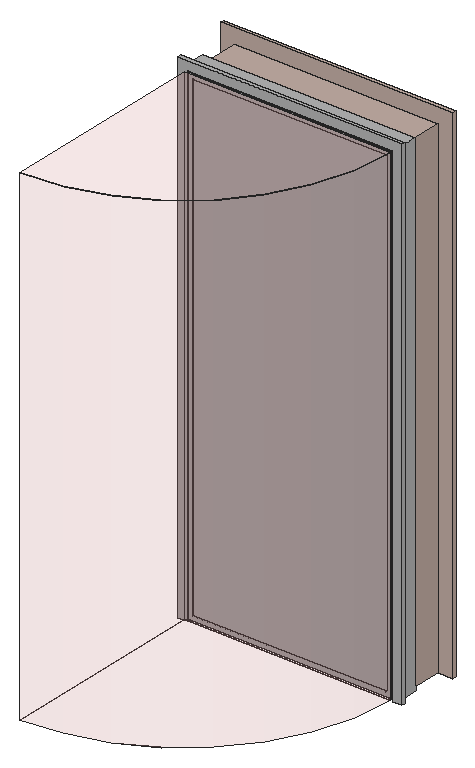
Revit family "ASSA ABLOY - DL1.3 PP30 RAPTOR, single-leaf, angular frame + PORTAL + access control", category Doors, host Wall, Revit 2021
Family settings
  Host = Wall
  OmniClass Number = 23.30.10.00
  OmniClass Title = Doors
  Always vertical = Yes
  Cut with Voids When Loaded = No
  Shared = No
  Room Calculation Point = No
Parameters (values of type "800 x 2100 (808 x 2100)")
  URL = "https://www.assaabloy.com/pl/pl"
  Type Comments = "Leaf made of galvanized steel 1mm thick, four-side rebated. External cladding made of 6mm thick HDF/MDF panels."
  Symbol Radius = Door Leaf Width + 5.500 mm  # 895.000 mm
  Rough Width Conversion = 122.000 mm  # constant formula
  Rough Width Adjustment = 0.000 mm  # constant formula
  Rough Height Real = Height + Rough Height Conversion + Rough Height Adjustment  # 2160.000 mm
  Rough Height Conversion = 60.000 mm  # constant formula
  Rough Height Adjustment = 0.000 mm  # constant formula
  Portal Width Top [instance] = 80.000 mm
  Portal Width Right [instance] = 80.000 mm
  Portal Width Left [instance] = 80.000 mm
  Portal Material Finish = Default laminate
  Opening Zone [instance] = yes
  Model = "Doorset_Entrance door to hotel room RC3, NFR-EI30/ Wireless access control_ASSA ABLOY Opening Solutions_Hardware 3D"
  Hinges Material = Default steel
  HW Item 9 = "1x View finder, finish silver, black, brass_Yale (option)"
  HW Item 8 = "1x Intelligent Mifare energy saving device_TESA (option)"
  HW Item 11 = "1x TESA: Access Control Software_ASSA ABLOY "
  HW Item 10 = "1x 206253: Vercy door stopper, max 120 kg_ASSA ABLOY (option) "
  Glyph Material Finish = Default laminate
  Frame Finish [instance] = ""
  Fire Rating NFR (0) = [Fire Rating - Set Value] = 0  # yes
  Fire Rating EI30 (1) = [Fire Rating - Set Value] = 1  # no
  Fire Rating - Set Value = 0
  Fire Rating = if([Fire Rating NFR (0)], "NFR", if([Fire Rating EI30 (1)], "EI30", "0"))  # "NFR"
  Width Round = rounddown((Width / 5.000 mm)) * 5.000 mm  # 800.000 mm
  Thickness = 61.000 mm  # constant formula
  Smoke Rating = "Sa, S200"
  Rough Width = Width Round + 8.000 mm + Rough Width Conversion + Rough Width Adjustment  # 930.000 mm
  Rough Height = Height Round + 10.000 mm + Rough Height Conversion + Rough Height Adjustment  # 2170.000 mm
  Readme = "The actual lintel height is consistent with the Rough Height parameter.\nThe final HW Set should be consistent with the function of the door and its  parameters.\nHardware mounted on door surface may affect the clear passage opening. For verification, please contact the specification department."
  Provider = "ASSA ABLOY Opening Solutions"
  Product Group = "Single-Steel-Access Control"
  Name = "Entrance door to hotel room RC3, NFR-EI30/ Wireless access control"
  Min Door Width = 800.000 mm
  Min Door Height = 2015.000 mm
  Mechanical Strength = 4
  Max Door Width = 1000.000 mm
  Max Door Height = 2315.000 mm
  Manufacturer = "ASSA ABLOY"  # constant formula
  IfcExportType = "USERDEFINED"
  IfcExportAs = "IfcDoorType"
  Rough Width Real = Width + Rough Width Conversion + Rough Width Adjustment  # 922.000 mm
  Height Round = roundup((Height / 5.000 mm)) * 5.000 mm  # 2100.000 mm
  Hardware Set = "1.3PL"
  HW Item 7 = "1x PDL26D: privacy door latch_PEMKO (option)"
  HW Item 6 = "1x SK6 Radius: euro profile cylinder_IKON"
  HW Item 5 = "1x TESA I-MAX long plate, PZPZ: WIRELESS, built-in RFID reader (pinpad in option) and Bluetooth module,  SENA handle_TESA"
  HW Item 4 = "1x EL160: mechanical mortice lockcase with automatic dead locking system_ABLOY"
  HW Item 3 = "1x A153: Mechanical opening damper_ASSA ABLOY (option)"
  HW Item 2 = "1x G195: Door closer guide rail_ASSA ABLOY"
  HW Item 1 = "1x DC700/ DC500: Door closer, Cam-Motion®_ASSA ABLOY"
  Function = Interior
  Height = 2100.000 mm
  Wall Closure = By host
  Width = 800.000 mm
  Frame Type = "Corner galvanized steel frame 1,5mm thick."
  Frame Material = Default steel
  Family name = "1.3_DOORSET_DL1.3 PP30 RAPTOR_SINGLE-LEAF_CORNER FRAME_ASSA ABLOY PL"
  Environmental Product Declaration (EPD) = "To be confirmed with Provider"  # constant formula
  Environmental Management System = "To be confirmed with Provider"  # constant formula
  Edition number = "1"
  Door Type = "DL1.3 PP30 RAPTOR"
  Door Material = Default steel
  Door Leaf Width = Width Round + 89.500 mm + Rough Width Adjustment  # 889.500 mm
  Door Finish Push Side [instance] = ""
  Door Finish Pull Side [instance] = ""
  Description = "DL1.3 PP30 RAPTOR, leaf made of galvanized steel sheets 1,0mm or 0,75mm thick, four-side rebated. External cladding made of 6mm thick HDF/MDF panels. Door equipped with 4 hinges painted in RAL with 3-dimmension adjustment, includng 1 self-closing R-spring, three anti-burglary pins on the hinge side and a panoramic viewer. Operational forces - 2 class according to PN-EN 12217:2005. Mechanical strenght - 4 class according to PN-EN 1192:2001. Acoustic rating - Rw=42-47dB according to PN-EN ISO 717-1:2013-08.  Thermal transmittance - Ud = 1,3 W/m2K. Corner galvanized steel frame 1,5mm thick, equipped with fixed threshold 20 mm height."
  Date of publishing = ""
  Contact Provider = "https://www.assaabloy.com/pl/pl/solutions/topics/bim-specification/contact"
  Brand = "ASSA ABLOY Mercor Doors Sp. z o. o."  # constant formula
  Author = "www.archispace.pl"
Types (18, lengths in mm): name | Symbol Radius | Rough Height Real | Width Round | Rough Width | Rough Height | Rough Width Real | Height Round | Height | Width | Door Leaf Width
  800 x 2015 (808 x 2015) | 895.000 | 2075.000 | 800.000 | 930.000 | 2085.000 | 922.000 | 2015.000 | 2015.000 | 800.000 | 889.500
  800 x 2050 (808 x 2050) | 895.000 | 2110.000 | 800.000 | 930.000 | 2120.000 | 922.000 | 2050.000 | 2050.000 | 800.000 | 889.500
  800 x 2100 (808 x 2100) | 895.000 | 2160.000 | 800.000 | 930.000 | 2170.000 | 922.000 | 2100.000 | 2100.000 | 800.000 | 889.500
  800 x 2200 (808 x 2200) | 895.000 | 2260.000 | 800.000 | 930.000 | 2270.000 | 922.000 | 2200.000 | 2200.000 | 800.000 | 889.500
  800 x 2250 (808 x 2250) | 895.000 | 2310.000 | 800.000 | 930.000 | 2320.000 | 922.000 | 2250.000 | 2250.000 | 800.000 | 889.500
  800 x 2315 (808 x 2315) | 895.000 | 2375.000 | 800.000 | 930.000 | 2385.000 | 922.000 | 2315.000 | 2315.000 | 800.000 | 889.500
  900 x 2015 (908 x 2015) | 995.000 | 2075.000 | 900.000 | 1030.000 | 2085.000 | 1022.000 | 2015.000 | 2015.000 | 900.000 | 989.500
  900 x 2050 (908 x 2050) | 995.000 | 2110.000 | 900.000 | 1030.000 | 2120.000 | 1022.000 | 2050.000 | 2050.000 | 900.000 | 989.500
  900 x 2100 (908 x 2100) | 995.000 | 2160.000 | 900.000 | 1030.000 | 2170.000 | 1022.000 | 2100.000 | 2100.000 | 900.000 | 989.500
  900 x 2200 (908 x 2200) | 995.000 | 2260.000 | 900.000 | 1030.000 | 2270.000 | 1022.000 | 2200.000 | 2200.000 | 900.000 | 989.500
  900 x 2250 (908 x 2250) | 995.000 | 2310.000 | 900.000 | 1030.000 | 2320.000 | 1022.000 | 2250.000 | 2250.000 | 900.000 | 989.500
  900 x 2315 (908 x 2315) | 995.000 | 2375.000 | 900.000 | 1030.000 | 2385.000 | 1022.000 | 2315.000 | 2315.000 | 900.000 | 989.500
  1000 x 2015 (1008 x 2015) | 1095.000 | 2075.000 | 1000.000 | 1130.000 | 2085.000 | 1122.000 | 2015.000 | 2015.000 | 1000.000 | 1089.500
  1000 x 2050 (1008 x 2050) | 1095.000 | 2110.000 | 1000.000 | 1130.000 | 2120.000 | 1122.000 | 2050.000 | 2050.000 | 1000.000 | 1089.500
  1000 x 2100 (1008 x 2100) | 1095.000 | 2160.000 | 1000.000 | 1130.000 | 2170.000 | 1122.000 | 2100.000 | 2100.000 | 1000.000 | 1089.500
  1000 x 2200 (1008 x 2200) | 1095.000 | 2260.000 | 1000.000 | 1130.000 | 2270.000 | 1122.000 | 2200.000 | 2200.000 | 1000.000 | 1089.500
  1000 x 2250 (1008 x 2250) | 1095.000 | 2310.000 | 1000.000 | 1130.000 | 2320.000 | 1122.000 | 2250.000 | 2250.000 | 1000.000 | 1089.500
  1000 x 2315 (1008 x 2315) | 1095.000 | 2375.000 | 1000.000 | 1130.000 | 2385.000 | 1122.000 | 2315.000 | 2315.000 | 1000.000 | 1089.500
Reference planes
  plane 1: y = 0
  plane 2 "Center (Left/Right)": x = 0
  plane 3 "Exterior": y = 120
  plane 4 "Interior": y = -120
  plane 5: x = -461
  plane 6: x = 461
  plane 7: y = -71
  plane 8: y = -114
  plane 9: y = -132
  plane 10: x = -445.5
  plane 11: x = -428.5
  plane 12: x = 444
  plane 13: x = 427
  plane 14: z = 9
  plane 15: z = 2127
  plane 16: z = 26
  plane 17: x = 504
  plane 18: x = 424
  plane 19: x = -504
  plane 20: x = -424
  plane 21: z = 2205
  plane 22: z = 2125
  plane 23: y = -30
  plane 24: z = 2144
  plane 25: x = -420
  plane 26: x = 420
  plane 27: y = -71.8
  plane 28: y = -131.2
  plane 29: x = -427.7
  plane 30: x = 426.2
  plane 31: x = -444.7
  plane 32: x = 443.2
  plane 33: y = -114.8
  plane 34: z = 26.8
  plane 35: z = 9.8
  plane 36: z = 2126.2
  plane 37: y = 136
  plane 38: y = 136
  plane 39: x = -440
  plane 40: x = 440
  plane 41: x = -465
  plane 42: x = 465
  plane 43: y = -143
  plane 44: x = -450.5
  plane 45: z = 2160
  plane 46: z = 20
  plane 47: z = 2170
  plane 48: z = 2120
  plane 49: x = -380
Forms (mm)
  Sweep 1, solid, material "Default steel" <- "Frame Material"
    path origin (0, -120, 0) x (1, 0, 0) y (0, 0, 1)
      loop
        line (-461, 0) -> (-461, 2161) -> (461, 2161) -> (461, 0)
    profile origin (-461, -120, 1080.5) x (-1, 0, 0) y (0, -1, 0)
      loop
        line (26.5, 0) -> (26.5, 12) -> (-13.5, 12) -> (-13.5, -9) -> (-26.5, -9) -> (-26.5, -65) -> (-36, -65) -> (-36, -54) -> (-41, -54) -> (-41, -90) -> (-10, -90) -> (-10, -87) -> (0, -87) -> (0, 0) -> (26.5, 0)
  Sweep 2, solid, material "Default steel" <- "Frame Material"
    path origin (-5000, -120, 0) x (1, 0, 0) y (0, 0, 1)
      loop
        line (4539, 0) -> (5461, 0)
    profile origin (0, -120, 0) x (0, 0, 1) y (0, -1, 0)
      loop
        line (0, -12) -> (0, -96) -> (20, -96) -> (20, -12) -> (0, -12)
  Sweep 3, solid, material "Default steel" <- "Door Material"
    path origin (-5000, -120, 0) x (1, 0, 0) y (0, 0, 1)
      loop
        line (4571.5, 2127) -> (4571.5, 26) -> (5427, 26) -> (5427, 2127) -> (4571.5, 2127)
    profile origin (-0.75, -120, 26) x (0, 0, -1) y (0, -1, 0)
      loop
        line (-0.8, 11.2) -> (-0.8, -5.2) -> (16.2, -5.2) -> (16.2, 11.2) -> (-0.8, 11.2)
  Sweep 4, solid, material "Default laminate" <- "Portal Material Finish"
    path origin (0, 120, 0) x (1, 0, 0) y (0, 0, 1)
      loop
        line (461, 0) -> (461, 2205)
    profile origin (461, 120, 1102.5) x (-1, 0, 0) y (0, -1, 0)
      loop
        line (37, 0) -> (-43, 0) -> (-43, -16) -> (37, -16) -> (37, 0)
  Sweep 5, solid, material "Default laminate" <- "Glyph Material Finish"
    path origin (-5000, 0, 0) x (-1, 0, 0) y (0, 0, 1)
      loop
        line (-4539, 0) -> (-4539, 2162) -> (-5461, 2162) -> (-5461, 0)
    profile origin (-461, 0, 1081) x (1, 0, 0) y (0, 1, 0)
      loop
        line (21, 120) -> (21, -30) -> (37, -30) -> (37, 120) -> (21, 120)
  Sweep 6, solid, material "Default laminate" <- "Portal Material Finish"
    path origin (0, 120, 0) x (1, 0, 0) y (0, 0, 1)
      loop
        line (-461, 2205) -> (-461, 0)
    profile origin (-461, 120, 1102.5) x (0, -1, 0) y (1, 0, 0)
      loop
        line (-16, -43) -> (0, -43) -> (0, 37) -> (-16, 37) -> (-16, -43)
  Sweep 7, solid, material "Default laminate" <- "Portal Material Finish"
    path origin (0, 120, 0) x (1, 0, 0) y (0, 0, 1)
      loop
        line (504, 2162) -> (-504, 2162)
    profile origin (0, 120, 2162) x (0, 0, -1) y (0, -1, 0)
      loop
        line (37, 0) -> (-43, 0) -> (-43, -16) -> (37, -16) -> (37, 0)
  Sweep 8, solid, material "Default steel" <- "Door Material"
    path origin (-5000, -120, 0) x (1, 0, 0) y (0, 0, 1)
      loop
        line (5000, 26.8) -> (5000, 2126.2)
    profile origin (0, -120, 1076.5) x (-1, 0, 0) y (0, -1, 0)
      loop
        line (427.7, -48.2) -> (427.7, 11.2) -> (-426.2, 11.2) -> (-426.2, -48.2) -> (427.7, -48.2)
  Sweep 9, solid, material "Default steel" <- "Door Material"
    path origin (-5000, -120, 0) x (1, 0, 0) y (0, 0, 1)
      loop
        line (4571.5, 2127) -> (4571.5, 26) -> (5427, 26) -> (5427, 2127) -> (4571.5, 2127)
    profile origin (-0.75, -120, 26) x (0, 0, -1) y (0, -1, 0)
      loop
        line (0, -49) -> (0, -6) -> (17, -6) -> (17, 12) -> (-4, 12) -> (-4, 11.2) -> (16.2, 11.2) -> (16.2, -5.2) -> (-0.8, -5.2) -> (-0.8, -48.2) -> (-13, -48.2) -> (-13, -49) -> (0, -49)
  Sweep 10, solid, material "Opening zone", visible <- "Opening Zone"
    path origin (-5000, 0, 0) x (-1, 0, 0) y (0, 0, 1)
      loop
        line (-5000, 9) -> (-5000, 2144)
    profile origin (0, 0, 1076.5) x (1, 0, 0) y (0, 1, 0)
      loop
        line (-450.5, -143) -> (-450.5, -1038)
        arc (-450.5, -1038) -> (182.361, -775.861) -> (444.5, -143) r 895
        line (444.5, -143) -> (-450.5, -143)
Cuts and joins
  joined: Sweep 1, Sweep 2
  joined: Sweep 4, Sweep 6, Sweep 7
  joined: Sweep 3, Sweep 8
Lines and regions (mm)
  Opening 1
    outline origin (-3050, -120, 0) x (1, 0, 0) y (0, 0, 1)
      loop
        line (2585, 0) -> (3515, 0) -> (3515, 2170) -> (2585, 2170) -> (2585, 0)
  Masking region 1, detail levels medium+fine
    outline origin (-1132.682, -300, 2127) x (-1, 0, 0) y (0, -1, 0)
      loop
        line (-628.682, -436) -> (-628.682, -420) -> (-708.682, -420) -> (-708.682, -436) -> (-628.682, -436)
      loop
        line (-1636.682, -436) -> (-1556.682, -436) -> (-1556.682, -420) -> (-1636.682, -420) -> (-1636.682, -436)
  Masking region 2, detail levels medium+fine
    outline origin (-1132.682, -300, 2127) x (-1, 0, 0) y (0, -1, 0)
      loop
        line (-708.682, -420) -> (-692.682, -420) -> (-692.682, -270) -> (-708.682, -270) -> (-708.682, -420)
      loop
        line (-1556.682, -420) -> (-1556.682, -270) -> (-1572.682, -270) -> (-1572.682, -420) -> (-1556.682, -420)
  Masking region 3, detail levels fine
    outline origin (-1132.682, -300, 2127) x (-1, 0, 0) y (0, -1, 0)
      loop
        line (-681.682, -270) -> (-681.682, -267) -> (-671.682, -267) -> (-671.682, -180) -> (-645.182, -180) -> (-645.182, -168) -> (-685.182, -168) -> (-685.182, -189) -> (-698.182, -189) -> (-698.182, -245) -> (-707.682, -245) -> (-707.682, -234) -> (-712.682, -234) -> (-712.682, -270) -> (-681.682, -270)
      loop
        line (-1583.682, -270) -> (-1552.682, -270) -> (-1552.682, -234) -> (-1557.682, -234) -> (-1557.682, -245) -> (-1567.182, -245) -> (-1567.182, -189) -> (-1580.182, -189) -> (-1580.182, -168) -> (-1620.182, -168) -> (-1620.182, -180) -> (-1593.682, -180) -> (-1593.682, -267) -> (-1583.682, -267) -> (-1583.682, -270)
  Masking region 4, detail levels medium
    outline origin (-1132.682, -300, 2127) x (-1, 0, 0) y (0, -1, 0)
      loop
        line (-671.682, -270) -> (-671.682, -180) -> (-645.182, -180) -> (-645.182, -168) -> (-712.682, -168) -> (-712.682, -270) -> (-671.682, -270)
      loop
        line (-1593.682, -270) -> (-1552.682, -270) -> (-1552.682, -168) -> (-1620.182, -168) -> (-1620.182, -180) -> (-1593.682, -180) -> (-1593.682, -270)
  Masking region 5, detail levels fine
    outline origin (-1132.682, -300, 2127) x (-1, 0, 0) y (0, -1, 0)
      loop
        circle (-682.182, -157) r 11
  symbolic lines, style "Elevation Swing"
    curve 1: line (444, -120, 1055) -> (-445.5, -120, 2144)
    curve 2: line (444, -120, 1055) -> (-445.5, -120, 9)
Text (mm)
  text "Exterior" at (-1376.75, 1099.543, 0), in view "Ref. Level"
  text "Exterior" at (0, 1615.38, 3698.081), in view "Left"
  text "Exterior" at (0, 1036.032, 3874.932), in view "Right"
Dimensions and locks
  host wall to curve 2 = 1055.000 mm
  locked: plane 3 "Exterior" to host wall
  locked: plane 4 "Interior" to host wall
  equal spacing: plane 5, plane 2 "Center (Left/Right)", plane 6
  "Rough Width Real": plane 5 to plane 6
  locked: plane 14 to level at 9
  locked: plane 5 to plane 10 at 15.5
  locked: plane 10 to plane 11 at 17
  locked: plane 12 to plane 6 at 17
  locked: plane 13 to plane 12 at 17
  locked: plane 16 to level at 26
  locked: plane 18 to plane 6 at 37
  "Portal Width Left": plane 18 to plane 17
  locked: plane 5 to plane 20 at 37
  "Portal Width Right": plane 19 to plane 20
  "Portal Width Top": plane 21 to plane 22
  locked: plane 4 "Interior" to plane 23 at 90
  locked: plane 5 to plane 25 at 41
  locked: plane 26 to plane 6 at 41
  locked: plane 28 to plane 9 at 0.8
  locked: plane 7 to plane 27 at 0.8
  locked: plane 11 to plane 29 at 0.8
  locked: plane 30 to plane 13 at 0.8
  locked: plane 10 to plane 31 at 0.8
  locked: plane 32 to plane 12 at 0.8
  locked: plane 33 to plane 8 at 0.8
  locked: plane 35 to plane 14 at 0.8
  locked: plane 34 to plane 16 at 0.8
  locked: plane 15 to plane 36 at 0.8
  locked: plane 3 "Exterior" to plane 37 at 16
  locked: plane 3 "Exterior" to plane 38 at 16
  locked: plane 39 to plane 20 at 16
  locked: plane 18 to plane 40 at 16
  locked: Masking region 3 sketch curve to plane 5 at 26.5
  locked: plane 5 to Masking region 3 sketch curve at 13.5
  locked: plane 5 to Masking region 3 sketch curve at 26.5
  locked: Masking region 3 sketch curve to plane 23 at 36  (x2)
  locked: Masking region 3 sketch curve to plane 23 at 81  (x2)
  locked: Masking region 3 sketch curve to plane 6 at 13.5
  locked: Masking region 3 sketch curve to plane 6 at 26.5
  locked: plane 6 to Masking region 3 sketch curve at 26.5
  locked: Masking region 4 sketch curve to plane 5 at 26.5
  locked: plane 6 to Masking region 4 sketch curve at 26.5
  locked: plane 5 to Masking region 5 sketch curve at 10.5
  locked: Masking region 5 sketch curve to plane 4 "Interior" at 23
  equal spacing: plane 41, plane 2 "Center (Left/Right)", plane 42
  "Rough Width": plane 41 to plane 42
  locked: plane 9 to plane 43 at 11
  locked: plane 41 to plane 44 at 14.5
  locked: plane 4 "Interior" to plane 33 at 5.2
  locked: plane 8 to plane 7 at 43
  locked: plane 9 to plane 4 "Interior" at 12
  locked: Masking region 3 sketch curve to plane 23 at 3  (x2)
  locked: plane 5 to Masking region 3 sketch curve at 10
  locked: Masking region 3 sketch curve to plane 23 at 25  (x2)
  locked: plane 5 to Masking region 3 sketch curve at 36
  locked: Masking region 3 sketch curve to plane 6 at 10
  locked: Masking region 3 sketch curve to plane 6 at 36
  locked: plane 46 to level at 20
  "Rough Height": plane 47 to level
  "Rough Height Real": plane 45 to level
  plane 21 to plane 45 = 45.000 mm
  locked: plane 45 to plane 24 at 16
  locked: plane 24 to plane 15 at 17
  plane 45 to plane 22 = 35.000 mm
  locked: plane 45 to plane 48 at 40
  locked: plane 5 to plane 49 at 81
  locked: plane 47 to plane 22 at 45
  "Symbol Radius": radius of Sweep 10 sketch curve
  aligned and locked: Opening 1 sketch curve to level
  aligned and locked: plane 1 to host wall
  aligned and locked: level to Sweep 1 sketch curve  (x2)
  aligned and locked: Sweep 1 sketch curve to plane 5
  aligned and locked: plane 6 to Sweep 1 sketch curve
  aligned and locked: Sweep 2 sketch curve to level
  aligned and locked: plane 16 to Sweep 3 sketch curve
  aligned and locked: plane 11 to Sweep 3 sketch curve
  aligned and locked: plane 13 to Sweep 3 sketch curve
  aligned and locked: Sweep 3 sketch curve to plane 15
  aligned and locked: level to Sweep 4 sketch curve
  aligned and locked: plane 6 to Sweep 4 sketch curve
  aligned and locked: level to Sweep 5 sketch curve  (x2)
  aligned and locked: plane 6 to Sweep 5 sketch curve
  aligned and locked: Sweep 5 sketch curve to plane 5
  aligned and locked: Sweep 4 sketch curve to plane 18
  aligned and locked: plane 17 to Sweep 4 sketch curve
  aligned and locked: Sweep 6 sketch curve to plane 5
  aligned and locked: level to Sweep 6 sketch curve
  aligned and locked: plane 19 to Sweep 6 sketch curve
  aligned and locked: Sweep 6 sketch curve to plane 20
  aligned and locked: plane 21 to Sweep 7 sketch curve
  aligned and locked: Sweep 7 sketch curve to plane 22
  aligned and locked: plane 21 to Sweep 4 sketch curve
  aligned and locked: plane 21 to Sweep 6 sketch curve
  aligned and locked: plane 19 to Sweep 7 sketch curve
  aligned and locked: plane 17 to Sweep 7 sketch curve
  aligned and locked: Sweep 5 sketch curve to plane 3 "Exterior"
  aligned and locked: plane 23 to Sweep 5 sketch curve
  aligned and locked: plane 2 "Center (Left/Right)" to Sweep 8 sketch curve
  aligned and locked: plane 12 to curve 2
  aligned and locked: plane 24 to curve 1
  aligned and locked: plane 10 to curve 1
  aligned and locked: plane 10 to curve 2
  aligned and locked: plane 14 to curve 2
  aligned and locked: plane 16 to Sweep 9 sketch curve
  aligned and locked: plane 11 to Sweep 9 sketch curve
  aligned and locked: plane 13 to Sweep 9 sketch curve
  aligned and locked: Sweep 9 sketch curve to plane 15
  aligned and locked: Sweep 8 sketch curve to plane 27
  aligned and locked: plane 28 to Sweep 8 sketch curve
  aligned and locked: Sweep 3 sketch curve to plane 28
  aligned and locked: Sweep 8 sketch curve to plane 30
  aligned and locked: Sweep 8 sketch curve to plane 29
  aligned and locked: plane 33 to Sweep 3 sketch curve
  aligned and locked: plane 34 to Sweep 3 sketch curve
  aligned and locked: Sweep 3 sketch curve to plane 35
  aligned and locked: plane 34 to Sweep 8 sketch curve
  aligned and locked: plane 36 to Sweep 8 sketch curve
  aligned and locked: nested 1 to plane 2 "Center (Left/Right)"
  aligned and locked: plane 4 "Interior" to nested 1
  aligned and locked: Masking region 1 sketch curve to plane 19
  aligned and locked: Masking region 1 sketch curve to plane 37
  aligned and locked: Masking region 1 sketch curve to plane 3 "Exterior"
  aligned and locked: plane 38 to Masking region 1 sketch curve
  aligned and locked: plane 3 "Exterior" to Masking region 1 sketch curve
  aligned and locked: plane 17 to Masking region 1 sketch curve
  aligned and locked: plane 20 to Masking region 1 sketch curve
  aligned and locked: Masking region 1 sketch curve to plane 18
  aligned and locked: plane 39 to Masking region 2 sketch curve
  aligned and locked: Masking region 2 sketch curve to plane 3 "Exterior"
  aligned and locked: plane 23 to Masking region 2 sketch curve
  aligned and locked: Masking region 2 sketch curve to plane 20
  aligned and locked: Masking region 2 sketch curve to plane 40
  aligned and locked: Masking region 2 sketch curve to plane 23
  aligned and locked: Masking region 2 sketch curve to plane 18
  aligned and locked: plane 3 "Exterior" to Masking region 2 sketch curve
  aligned and locked: plane 9 to Masking region 3 sketch curve
  aligned and locked: plane 4 "Interior" to Masking region 3 sketch curve
  aligned and locked: Masking region 3 sketch curve to plane 5
  aligned and locked: plane 23 to Masking region 3 sketch curve
  aligned and locked: Masking region 3 sketch curve to plane 25
  aligned and locked: Masking region 3 sketch curve to plane 23
  aligned and locked: Masking region 3 sketch curve to plane 4 "Interior"
  aligned and locked: Masking region 3 sketch curve to plane 6
  aligned and locked: plane 26 to Masking region 3 sketch curve
  aligned and locked: Masking region 3 sketch curve to plane 9
  aligned and locked: Masking region 4 sketch curve to plane 25
  aligned and locked: plane 9 to Masking region 4 sketch curve
  aligned and locked: plane 23 to Masking region 4 sketch curve
  aligned and locked: Masking region 4 sketch curve to plane 5
  aligned and locked: plane 4 "Interior" to Masking region 4 sketch curve
  aligned and locked: Masking region 4 sketch curve to plane 6
  aligned and locked: Masking region 4 sketch curve to plane 4 "Interior"
  aligned and locked: Masking region 4 sketch curve to plane 23
  aligned and locked: plane 26 to Masking region 4 sketch curve
  aligned and locked: Masking region 4 sketch curve to plane 9
  aligned and locked: plane 41 to Opening 1 sketch curve
  aligned and locked: plane 42 to Opening 1 sketch curve
  aligned and locked: plane 2 "Center (Left/Right)" to Sweep 10 sketch curve
  aligned and locked: plane 44 to Sweep 10 sketch curve  (x2)
  aligned and locked: Sweep 10 sketch curve to plane 43
  aligned and locked: plane 43 to Sweep 10 sketch curve
  aligned and locked: plane 24 to Sweep 10 sketch curve
  aligned and locked: plane 14 to Sweep 10 sketch curve
  aligned and locked: plane 6 to Sweep 2 sketch curve
  aligned and locked: plane 5 to Sweep 2 sketch curve
  aligned and locked: Opening 1 sketch curve to plane 47
Automatic sketch dimensions
  profile plane to Sweep 2 sketch curve = 0.000 mm
  Sweep 2 sketch curve to Sweep 2 sketch curve = 20.000 mm
  Sweep 2 sketch curve to profile plane = 96.000 mm
  Sweep 2 sketch curve to profile plane = 12.000 mm
  plane 3 "Exterior" to Sweep 4 sketch curve = 0.000 mm
  Sweep 4 sketch curve to plane 3 "Exterior" = 16.000 mm
  Sweep 5 sketch curve to profile plane = 21.000 mm
  Sweep 5 sketch curve to Sweep 5 sketch curve = 16.000 mm
  plane 3 "Exterior" to Sweep 6 sketch curve = 0.000 mm
  Sweep 6 sketch curve to plane 3 "Exterior" = 16.000 mm
  Sweep 7 sketch curve to plane 3 "Exterior" = 0.000 mm
  Sweep 7 sketch curve to plane 3 "Exterior" = 16.000 mm
  Sweep 9 sketch curve to profile plane = 0.000 mm
  profile plane to Sweep 9 sketch curve = 0.800 mm
  profile plane to Sweep 9 sketch curve = 4.000 mm
  Sweep 9 sketch curve to Sweep 9 sketch curve = 12.200 mm
  Sweep 9 sketch curve to profile plane = 16.200 mm
  Sweep 9 sketch curve to Sweep 9 sketch curve = 0.800 mm  (x4)
  Sweep 9 sketch curve to profile plane = 49.000 mm
  Sweep 9 sketch curve to profile plane = 6.000 mm
  profile plane to Sweep 9 sketch curve = 11.200 mm
  plane 4 "Interior" to Sweep 1 sketch curve = 0.000 mm
  Sweep 1 sketch curve to profile plane = 0.000 mm
  profile plane to Sweep 1 sketch curve = 10.000 mm
  profile plane to Sweep 1 sketch curve = 13.500 mm
  Sweep 1 sketch curve to Sweep 1 sketch curve = 13.000 mm
  Sweep 1 sketch curve to Sweep 1 sketch curve = 9.500 mm
  Sweep 1 sketch curve to Sweep 1 sketch curve = 5.000 mm
  Sweep 1 sketch curve to Sweep 1 sketch curve = 26.500 mm
  Sweep 1 sketch curve to plane 4 "Interior" = 9.000 mm
  Sweep 1 sketch curve to Sweep 1 sketch curve = 56.000 mm
  Sweep 1 sketch curve to Sweep 1 sketch curve = 22.000 mm
  Sweep 1 sketch curve to Sweep 1 sketch curve = 25.000 mm
  plane 4 "Interior" to Sweep 1 sketch curve = 12.000 mm
  Sweep 1 sketch curve to Sweep 1 sketch curve = 11.000 mm
  plane 45 to Sweep 1 sketch curve = 1.000 mm
  plane 45 to Sweep 5 sketch curve = 2.000 mm
  plane 45 to Sweep 7 sketch curve = 2.000 mm
  radius of Masking region 5 sketch curve = 11.000 mm
Nested families
  nested 1: "Detail_Door symbol" at (0, -120, 2127), type "Detail_Door symbol"
Definition of nested family "Detail_Door symbol"
  Parameters (values of type "Detail_Door symbol")
    Symbol Radius = 895.000 mm
    Rough Width = 922.000 mm
    Door Leaf Width = 889.500 mm
  Reference planes
    plane 1 "Center (Front/Back)": y = 0
    plane 2: z = 0
    plane 3 "Center (Left/Right)": x = 0
    plane 4: x = -461
    plane 5: x = 461
    plane 6: y = -23
    plane 7: x = -450.5
    plane 8: y = -28.5
    plane 9: y = -45.5
    plane 10: y = -901
    plane 11: y = -918
    plane 12: x = -441
    plane 13: x = -423
    plane 14: x = -380
  Lines and regions (mm)
    Filled region 1, type "Solid Fill - White", in view "Ref. Level", detail levels fine
      outline origin (28.5, 43.059, 0) x (1, 0, 0) y (0, 1, 0)
        loop
          line (-469.5, -71.559) -> (-469.5, -961.059) -> (-451.5, -961.059) -> (-451.5, -944.059) -> (-408.5, -944.059) -> (-408.5, -88.559) -> (-451.5, -88.559) -> (-451.5, -71.559) -> (-469.5, -71.559)
    Filled region 2, type "Solid Fill - White", in view "Ref. Level", detail levels medium
      outline origin (28.5, 43.059, 0) x (1, 0, 0) y (0, 1, 0)
        loop
          line (-469.5, -71.559) -> (-469.5, -961.059) -> (-408.5, -961.059) -> (-408.5, -71.559) -> (-469.5, -71.559)
    detail lines, in view "Ref. Level"
      curve 1: arc (-450.5, -918, 0) -> (182.361, -655.861, 0) -> (444.5, -23, 0) r 895
    detail lines, in view "Ref. Level", detail levels coarse
      curve 2: line (-450.5, -918, 0) -> (-450.5, -23, 0)
  Dimensions and locks
    equal spacing: plane 4, plane 3 "Center (Left/Right)", plane 5
    "Rough Width": plane 4 to plane 5
    plane 4 to plane 7 = 10.500 mm
    locked: plane 8 to plane 9 at 17
    locked: plane 11 to plane 10 at 17
    "Door Leaf Width": plane 11 to plane 8
    plane 8 to plane 6 to plane 1 "Center (Front/Back)" = 5.500 mm locked, 23.000 mm locked
    locked: plane 12 to plane 13 at 18
    locked: plane 13 to plane 14 at 43
    locked: plane 7 to plane 12 at 9.5
    "Symbol Radius": radius of curve 1
    aligned and locked: plane 7 to curve 1
    aligned and locked: curve 1 to plane 6
    aligned and locked: plane 12 to Filled region 1 sketch curve
    aligned and locked: Filled region 1 sketch curve to plane 11
    aligned and locked: Filled region 1 sketch curve to plane 13  (x2)
    aligned and locked: plane 10 to Filled region 1 sketch curve
    aligned and locked: Filled region 1 sketch curve to plane 14
    aligned and locked: Filled region 1 sketch curve to plane 8
    aligned and locked: plane 9 to Filled region 1 sketch curve
    aligned and locked: Filled region 2 sketch curve to plane 8
    aligned and locked: Filled region 2 sketch curve to plane 14
    aligned and locked: plane 12 to Filled region 2 sketch curve
    aligned and locked: Filled region 2 sketch curve to plane 11
  Automatic sketch dimensions
    plane 6 to curve 2 = 0.000 mm
